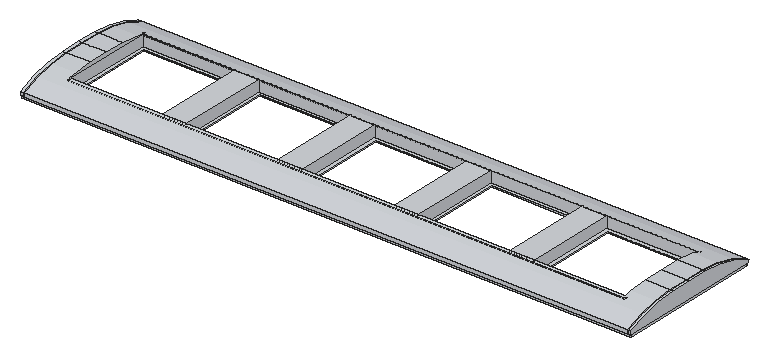
Revit family "Gira_0215778", category Electrical Fixtures, host Face, Revit 2017
Family settings
  Host = Face
  Maintain Annotation Orientation = No
  Round Connector Dimension = Use Diameter
  Part Type = Normal
  Cut with Voids When Loaded = No
  Shared = No
  Room Calculation Point = No
Parameters (values of type "Abdeckrahmen 5f Zwischenr. AN Gira Event Klar Sand")
  Werkstoffgüte = "Thermoplast"
  Werkstoff = "Kunststoff"
  URL = "http://katalog.gira.de/de_DE/datenblatt.html?artikelnr=0215778"
  Transparent = "No"
  Textfeld/Beschriftungsfläche = "No"
  Schutzart (IP) = "IP20"
  Region = "DE"
  Oberfläche = "sonstige"
  Name = "Abdeckrahmen 5f Zwischenr. AN Gira Event Klar Sand"
  Montagerichtung = "horizontal und vertikal"
  Mit Montagerahmen = "No"
  Mit Klappdeckel = "No"
  Manufacturer URL = "https://www.gira.de/"
  Keynote = "Event_Rahmen_5fach"
  HeinzeBIM = "https://bimportal.heinze.de/bim/abdeckrahmen-5f-zwischenr-an-gira-event-klar-sand/d6cd7397347346781c0d32f03a696105083d8dba"
  Halogenfrei = "Yes"
  HAN = "0215778"
  Geeignet für Unterputz-Installation = "Yes"
  Geeignet für Unterflurkanaldose = "No"
  Geeignet für Geräteeinbaukanal = "No"
  Geeignet für Einbauinstallation = "No"
  GTIN = "4010337069959"
  Farbe = "sonstige"
  Default Elevation = 1219.2 mm
  Data sheet (1) = "https://katalog.gira.de/de_DE/download.html?artikelnr=0215778"
  Category = "Abdeckrahmen"
  Befestigungsart = "Klemmbefestigung"
  Available = "Yes"
  Ausführung der Oberfläche = "glänzend"
  Anzahl der Einheiten vertikal = "5 "
  Anzahl der Einheiten horizontal = "5 "
  Anzahl der Einheiten = "5 "
Reference planes
  plane 1 "Center (Front/Back)": y = 0
  plane 2: z = 0
  plane 3 "Center (Left/Right)": x = 0
Forms (mm)
  Extrusion 1, solid, detail levels fine
    sketch origin (0, 0, 0.05) x (0, 1, 0) y (0, 0, 1)
      loop
        arc (12.445, 9.683) -> (6.223, 9.833) -> (0, 9.85) r 291.636
        arc (0, 9.85) -> (-6.223, 9.833) -> (-12.445, 9.683) r 291.636
        arc (-12.445, 9.683) -> (-29.14, 7.482) -> (-45, 1.823) r 79.728
        line (-45, 1.823) -> (-45, -0.05) -> (-42.086, -0.05)
        arc (-42.086, -0.05) -> (-21.385, 5.559) -> (0, 7.206) r 114.424
        arc (0, 7.206) -> (21.385, 5.559) -> (42.086, -0.05) r 114.424
        line (42.086, -0.05) -> (45, -0.05) -> (45, 1.823)
        arc (45, 1.823) -> (29.14, 7.482) -> (12.445, 9.683) r 79.728
    from -185.578 to 185.593
  Extrusion 2, void, detail levels fine
    sketch origin (0, 0, 0) x (1, 0, 0) y (0, 1, 0)
      loop
        line (170.607, 28) -> (-170.593, 28) -> (-170.593, -28) -> (170.607, -28) -> (170.607, 28)
    from 0.724 to 11
  Extrusion 3, solid, detail levels coarse
    sketch origin (0, 0, 0) x (1, 0, 0) y (0, 1, 0)
      loop
        line (-187.578, 45) -> (-187.578, -45) -> (187.593, -45) -> (187.593, 45) -> (-187.578, 45)
    from -1.5 to 9.9
  Extrusion 4, solid, detail levels medium
    sketch origin (0, 0, 0.05) x (0, 1, 0) y (0, 0, 1)
      loop
        arc (12.445, 9.683) -> (6.223, 9.833) -> (0, 9.85) r 291.636
        arc (0, 9.85) -> (-6.223, 9.833) -> (-12.445, 9.683) r 291.636
        arc (-12.445, 9.683) -> (-29.14, 7.482) -> (-45, 1.823) r 79.728
        line (-45, 1.823) -> (-45, -0.05) -> (45, -0.05) -> (45, 1.823)
        arc (45, 1.823) -> (29.14, 7.482) -> (12.445, 9.683) r 79.728
    from -187.578 to 187.593
  Extrusion 5, solid, detail levels fine
    sketch origin (-142.578, 0, -1.5) x (0, 1, 0) y (0, 0, -1)
      loop
        line (45, -3.373) -> (45, -1.5) -> (-45, -1.5) -> (-45, -3.373)
        arc (-45, -3.373) -> (-29.14, -9.032) -> (-12.445, -11.233) r 79.728
        arc (-12.445, -11.233) -> (-6.223, -11.383) -> (0, -11.4) r 291.636
        arc (0, -11.4) -> (6.223, -11.383) -> (12.445, -11.233) r 291.636
        arc (12.445, -11.233) -> (29.14, -9.032) -> (45, -3.373) r 79.728
    from 43 to 45
  Extrusion 6, solid, detail levels fine
    sketch origin (0, 0, 0) x (1, 0, 0) y (0, 1, 0)
      loop
        line (-168.493, 25.7) -> (-168.493, -25.7) -> (-116.693, -25.7) -> (-116.693, 25.7) -> (-168.493, 25.7)
      loop
        line (-45.398, -25.7) -> (-45.398, 25.7) -> (-97.198, 25.7) -> (-97.198, -25.7) -> (-45.398, -25.7)
      loop
        line (-171.487, 28.49) -> (-171.487, -28.495)
        spline (-171.487, -28.495) -> (-171.479, -28.625) -> (-171.453, -28.754) -> (-171.411, -28.878) -> (-171.353, -28.995) -> (-171.281, -29.104) -> (-171.194, -29.202) -> (-171.096, -29.288) -> (-170.987, -29.361) -> (-170.87, -29.419) -> (-170.746, -29.461) -> (-170.618, -29.486) -> (-170.487, -29.495)
        line (-170.487, -29.495) -> (170.502, -29.495)
        spline (170.502, -29.495) -> (170.633, -29.486) -> (170.761, -29.461) -> (170.885, -29.419) -> (171.002, -29.361) -> (171.111, -29.288) -> (171.209, -29.202) -> (171.296, -29.104) -> (171.368, -28.995) -> (171.426, -28.878) -> (171.468, -28.754) -> (171.494, -28.625) -> (171.502, -28.495)
        line (171.502, -28.495) -> (171.502, 28.49)
        spline (171.502, 28.49) -> (171.494, 28.62) -> (171.468, 28.748) -> (171.426, 28.872) -> (171.368, 28.99) -> (171.296, 29.098) -> (171.209, 29.197) -> (171.111, 29.283) -> (171.002, 29.356) -> (170.885, 29.413) -> (170.761, 29.456) -> (170.633, 29.481) -> (170.502, 29.49)
        line (170.502, 29.49) -> (-170.487, 29.49)
        spline (-170.487, 29.49) -> (-170.618, 29.481) -> (-170.746, 29.456) -> (-170.87, 29.413) -> (-170.987, 29.356) -> (-171.096, 29.283) -> (-171.194, 29.197) -> (-171.281, 29.098) -> (-171.353, 28.99) -> (-171.411, 28.872) -> (-171.453, 28.748) -> (-171.479, 28.62) -> (-171.487, 28.49)
      loop
        line (25.902, -25.7) -> (25.902, 25.7) -> (-25.898, 25.7) -> (-25.898, -25.7) -> (25.902, -25.7)
      loop
        line (97.207, -25.7) -> (97.207, 25.7) -> (45.407, 25.7) -> (45.407, -25.7) -> (97.207, -25.7)
      loop
        line (168.507, -25.7) -> (168.507, 25.7) -> (116.707, 25.7) -> (116.707, -25.7) -> (168.507, -25.7)
    from 0.1 to 7.3
  Extrusion 7, solid
    sketch origin (0, 0, 0) x (1, 0, 0) y (0, 1, 0)
      loop
        arc (-187.293, -44.218) -> (-187.146, -44.572) -> (-186.793, -44.718) r 0.5
        line (-186.793, -44.718) -> (186.807, -44.718)
        arc (186.807, -44.718) -> (187.161, -44.572) -> (187.307, -44.218) r 0.5
        line (187.307, -44.218) -> (187.307, 44.182)
        arc (187.307, 44.182) -> (187.161, 44.535) -> (186.807, 44.682) r 0.5
        line (186.807, 44.682) -> (-186.793, 44.682)
        arc (-186.793, 44.682) -> (-187.146, 44.535) -> (-187.293, 44.182) r 0.5
        line (-187.293, 44.182) -> (-187.293, -44.218)
      loop
        line (-185.593, 42.982) -> (-185.593, -43.018) -> (185.607, -43.018) -> (185.607, 42.982) -> (-185.593, 42.982)
    from -1.5 to 0.5
  Extrusion 8, solid, detail levels fine
    sketch origin (142.593, 0, -1.5) x (0, 1, 0) y (0, 0, 1)
      loop
        arc (45, 3.373) -> (29.14, 9.032) -> (12.445, 11.233) r 79.728
        arc (12.445, 11.233) -> (6.223, 11.383) -> (0, 11.4) r 291.636
        arc (0, 11.4) -> (-6.223, 11.383) -> (-12.445, 11.233) r 291.636
        arc (-12.445, 11.233) -> (-29.14, 9.032) -> (-45, 3.373) r 79.728
        line (-45, 3.373) -> (-45, 1.5) -> (45, 1.5) -> (45, 3.373)
    from 43 to 45
  Extrusion 9, solid, detail levels medium
    sketch origin (0, 0, 0) x (1, 0, 0) y (0, 1, 0)
      loop
        line (-187.293, -44.718) -> (187.307, -44.718) -> (187.307, 44.682) -> (-187.293, 44.682) -> (-187.293, -44.718)
    from -1.5 to 0.5
  Extrusion 10, solid, detail levels fine
    sketch origin (-105.5, 0, 0) x (1, 0, 0) y (0, 1, 0)
      loop
        line (-8.943, 28.063) -> (-8.943, -27.937) -> (6.057, -27.937) -> (6.057, 28.063) -> (-8.943, 28.063)
    from 0.724 to 7.566
  Extrusion 11, solid, detail levels fine
    sketch origin (-37.085, 0, 0) x (-1, 0, 0) y (0, -1, 0)
      loop
        line (-8.943, -28.063) -> (6.057, -28.063) -> (6.057, 27.937) -> (-8.943, 27.937) -> (-8.943, -28.063)
    from 0.724 to 7.566
  Extrusion 12, solid, detail levels fine
    sketch origin (105.5, 0, 0) x (-1, 0, 0) y (0, -1, 0)
      loop
        line (-8.943, -28.063) -> (6.057, -28.063) -> (6.057, 27.937) -> (-8.943, 27.937) -> (-8.943, -28.063)
    from 0.724 to 7.566
  Extrusion 13, solid, detail levels fine
    sketch origin (37.085, 0, 0) x (1, 0, 0) y (0, 1, 0)
      loop
        line (-8.943, 28.063) -> (-8.943, -27.937) -> (6.057, -27.937) -> (6.057, 28.063) -> (-8.943, 28.063)
    from 0.724 to 7.566
Cuts and joins
  Extrusion 2 cuts Extrusion 1
  Extrusion 2 cuts Extrusion 6
Dimensions and locks
  aligned and locked: plane 2 to host face
  aligned and locked: level to host face
